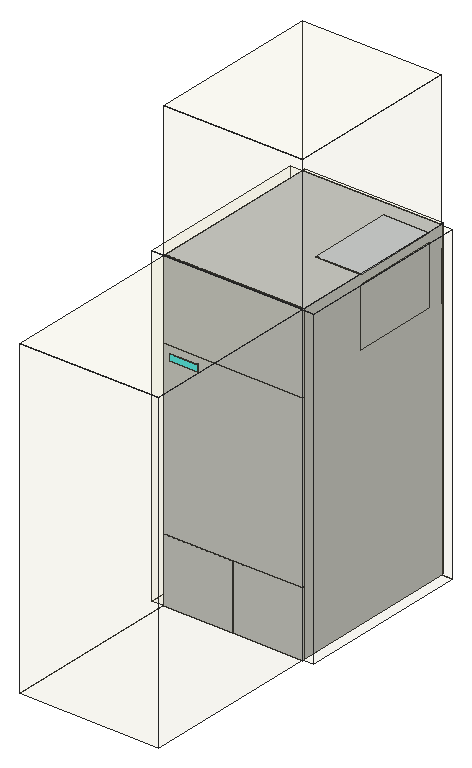
Revit family "Siemens_MV_switchgear_gas-insulated_8DJH_compact  ring main and transformer panel", category Electrical Fixtures, Revit 2016 (continued)
Definition of nested family "2D_Linien4"
  Lines and regions (mm)
    model lines, visible <- "Typ1", not visible
      curve 117: line (-413.017, 0, 4663.104) -> (-391.395, 0, 4663.104)
      curve 118: line (-406.26, 0, 4652.294) -> (-398.152, 0, 4652.294)
      curve 119: line (-407.611, 0, 4700.942) -> (-394.098, 0, 4700.942)
      curve 120: line (-394.098, 0, 4700.942) -> (-394.098, 0, 4722.564)
      curve 121: line (-394.098, 0, 4722.564) -> (-407.611, 0, 4722.564)
      curve 122: line (-407.611, 0, 4722.564) -> (-407.611, 0, 4700.942)
      curve 123: line (-407.611, 0, 4749.591) -> (-394.098, 0, 4749.591)
      curve 124: line (-394.098, 0, 4749.591) -> (-394.098, 0, 4768.51)
      curve 125: line (-394.098, 0, 4768.51) -> (-407.611, 0, 4768.51)
      curve 126: line (-407.611, 0, 4768.51) -> (-407.611, 0, 4749.591)
      curve 127: line (-445.449, 0, 4736.077) -> (-445.449, 0, 4652.294)
      curve 128: line (-445.449, 0, 4652.294) -> (-435.367, 0, 4673.915)
      curve 129: line (-445.449, 0, 4652.294) -> (-455.532, 0, 4673.915)
      curve 130: line (-445.886, 0, 4700.942) -> (-456.697, 0, 4700.942)
      curve 131: line (-456.697, 0, 4706.348) -> (-456.697, 0, 4695.537)
      curve 132: line (-462.103, 0, 4706.348) -> (-462.103, 0, 4695.537)
      curve 133: line (-462.103, 0, 4700.942) -> (-467.508, 0, 4700.942)
      curve 134: line (-467.508, 0, 4700.942) -> (-470.211, 0, 4706.348)
      curve 135: line (-470.211, 0, 4706.348) -> (-475.616, 0, 4709.05)
      curve 136: line (-470.211, 0, 4695.537) -> (-467.508, 0, 4700.942)
      curve 137: line (-475.616, 0, 4692.834) -> (-470.211, 0, 4695.537)
      curve 138: line (-600.966, 0, 4984.505) -> (-630.966, 0, 4984.505)
      curve 139: line (-630.966, 0, 4984.505) -> (-630.966, 0, 4954.505)
      curve 140: line (-630.966, 0, 4954.505) -> (-652.318, 0, 4954.505)
      curve 141: line (-659.571, 0, 4973.694) -> (-646.057, 0, 4973.694)
      curve 142: line (-646.057, 0, 4973.694) -> (-646.057, 0, 4992.613)
      curve 143: line (-646.057, 0, 4992.613) -> (-659.571, 0, 4992.613)
      curve 144: line (-659.571, 0, 4992.613) -> (-659.571, 0, 4973.694)
      curve 153: line (-657.603, 0, 4976.269) -> (-647.733, 0, 4976.269)
      curve 154: line (-647.733, 0, 4976.269) -> (-647.733, 0, 4990.087)
      curve 155: line (-647.733, 0, 4990.087) -> (-657.603, 0, 4990.087)
      curve 156: line (-657.603, 0, 4990.087) -> (-657.603, 0, 4976.269)
      curve 157: line (-652.318, 0, 4925.046) -> (-687.318, 0, 4925.046)
      curve 158: line (-687.318, 0, 4925.046) -> (-687.318, 0, 5145.046)
      curve 159: line (-687.318, 0, 5145.046) -> (-697.4, 0, 5123.424)
      curve 160: line (-687.318, 0, 5145.046) -> (-677.235, 0, 5123.424)
      curve 165: line (-580.129, 0, 5115.539) -> (-580.129, 0, 5105.539)
      curve 166: line (-580.129, 0, 5105.539) -> (-561.21, 0, 5105.539)
      curve 167: line (-561.21, 0, 5105.539) -> (-561.21, 0, 5115.539)
      curve 168: line (-561.21, 0, 5115.539) -> (-580.129, 0, 5115.539)
  Dimensions and locks
    "Width": plane 6 to plane 5
    equal spacing: plane 6, plane 3 "Center (Left/Right)", plane 5
    plane 4 to level = 620 mm
    aligned and locked: plane 2 to level
  Automatic sketch dimensions
    curve 38 to curve 39 = 0 mm
    curve 39 to curve 39 = 2.703 mm
    curve 37 to curve 2 = 24.762 mm
    curve 2 to curve 13 = 37.838 mm
    curve 10 to curve 8 = 0 mm
    curve 12 to curve 11 = 13.514 mm
    curve 8 to curve 8 = 13.514 mm
    curve 11 to curve 152 = 18.649 mm
    curve 149 to curve 85 = 27.747 mm
    curve 87 to curve 148 = 1.968 mm
    curve 87 to curve 45 = 7.253 mm
    curve 147 to curve 147 = 9.87 mm
    curve 146 to curve 86 = 1.675 mm
    curve 84 to curve 83 = 21.351 mm
    curve 45 to curve 53 = 37.838 mm
    curve 82 to curve 52 = 16.486 mm
    curve 55 to curve 44 = 5.405 mm
    curve 55 to curve 55 = 13.514 mm
    curve 51 to curve 51 = 13.514 mm
    curve 43 to curve 161 = 28.945 mm
    curve 161 to curve 163 = 18.919 mm
    curve 6 to curve 79 = 235.756 mm
    curve 78 to curve 80 = 0 mm
    curve 80 to curve 77 = 2.703 mm
    curve 78 to curve 59 = 24.762 mm
    curve 59 to curve 66 = 37.838 mm
    curve 70 to curve 65 = 0 mm
    curve 69 to curve 69 = 13.514 mm
    curve 63 to curve 63 = 13.514 mm
    curve 162 to curve 43 = 212.136 mm
    curve 73 to curve 14 = 0 mm
    curve 14 to curve 40 = 43.243 mm
    curve 71 to curve 80 = 43.243 mm
    curve 71 to curve 63 = 48.649 mm
    curve 39 to curve 37 = 5.405 mm
    curve 80 to curve 77 = 5.405 mm
    curve 9 to curve 36 = 0 mm
    curve 36 to curve 38 = 5.405 mm
    curve 77 to curve 79 = 5.405 mm
    curve 63 to curve 64 = 21.622 mm
    curve 6 to curve 7 = 21.622 mm
    curve 37 to curve 14 = 29.73 mm
    curve 78 to curve 59 = 29.73 mm
    curve 59 to curve 68 = 13.514 mm
    curve 2 to curve 10 = 13.514 mm
    curve 67 to curve 70 = 18.919 mm
    curve 10 to curve 11 = 18.919 mm
    curve 68 to curve 42 = 89.189 mm
    curve 57 to curve 84 = 29.459 mm
    curve 83 to curve 52 = 19.189 mm
    curve 84 to curve 86 = 19.189 mm
    curve 85 to curve 145 = 2.575 mm
    curve 85 to curve 82 = 10.811 mm
    curve 145 to curve 146 = 13.818 mm
    curve 146 to curve 87 = 2.526 mm
    curve 82 to curve 51 = 10.811 mm
    curve 86 to curve 45 = 16.216 mm
    curve 45 to curve 54 = 13.514 mm
    curve 53 to curve 54 = 18.919 mm
    curve 55 to curve 43 = 61.437 mm
    curve 43 to curve 161 = 2.84 mm
    curve 161 to curve 161 = 10 mm
    curve 43 to curve 150 = 42.347 mm
    curve 40 to curve 39 = 5.405 mm
    curve 38 to curve 37 = 5.405 mm
    curve 41 to curve 38 = 421.59 mm
    curve 36 to curve 35 = 5.405 mm
    curve 35 to curve 34 = 5.405 mm
    curve 34 to curve 16 = 1.166 mm
    curve 33 to curve 33 = 10.811 mm
    curve 16 to curve 15 = 20.165 mm
    curve 15 to curve 3 = 16.945 mm
    curve 3 to curve 4 = 5.405 mm
    curve 4 to curve 5 = 6.757 mm
    curve 8 to curve 2 = 5.405 mm
    curve 5 to curve 5 = 8.108 mm
    curve 5 to curve 4 = 6.757 mm
    curve 4 to curve 3 = 5.405 mm
    curve 151 to curve 150 = 10.082 mm
    curve 151 to curve 152 = 20.165 mm
    curve 83 to curve 46 = 5.676 mm
    curve 46 to curve 47 = 5.405 mm
    curve 47 to curve 48 = 6.757 mm
    curve 48 to curve 48 = 8.108 mm
    curve 48 to curve 47 = 6.757 mm
    curve 47 to curve 46 = 5.405 mm
    curve 81 to curve 80 = 5.405 mm
    curve 79 to curve 78 = 5.405 mm
    curve 77 to curve 76 = 5.405 mm  (x2)
    curve 76 to curve 75 = 5.405 mm
    curve 75 to curve 73 = 1.166 mm
    curve 74 to curve 74 = 10.811 mm
    curve 73 to curve 72 = 20.165 mm
    curve 72 to curve 60 = 16.945 mm
    curve 60 to curve 61 = 5.405 mm
    curve 61 to curve 62 = 6.757 mm
    curve 65 to curve 59 = 5.405 mm
    curve 62 to curve 62 = 8.108 mm
    curve 62 to curve 61 = 6.757 mm
    curve 61 to curve 60 = 5.405 mm
    curve 62 to curve 71 = 0 mm
    curve 5 to curve 14 = 0 mm
    curve 5 to curve 4 = 10.811 mm
    curve 62 to curve 61 = 10.811 mm
    curve 61 to curve 60 = 10.811 mm
    curve 4 to curve 3 = 10.811 mm
    curve 14 to curve 16 = 21.622 mm
    curve 71 to curve 73 = 21.622 mm
    curve 15 to curve 3 = 0 mm
    curve 72 to curve 60 = 0 mm
    curve 60 to curve 58 = 2.703 mm
    curve 3 to curve 1 = 2.703 mm
    curve 81 to curve 80 = 2.703 mm
    curve 40 to curve 39 = 2.703 mm
    curve 76 to curve 77 = 5.405 mm
    curve 35 to curve 36 = 5.405 mm
    curve 34 to curve 35 = 0 mm
    curve 75 to curve 76 = 0 mm  (x2)
    curve 34 to curve 33 = 5.405 mm
    curve 75 to curve 74 = 5.405 mm
    curve 33 to curve 34 = 5.405 mm
    curve 35 to curve 34 = 0 mm
    curve 78 to curve 79 = 2.703 mm
    curve 37 to curve 38 = 2.703 mm
    curve 1 to curve 149 = 67.347 mm
    curve 48 to curve 83 = 29.459 mm
    curve 48 to curve 47 = 10.811 mm
    curve 47 to curve 46 = 10.811 mm
    curve 46 to curve 44 = 2.703 mm
    curve 151 to curve 150 = 21.622 mm
    curve 152 to curve 151 = 0 mm
    curve 94 to curve 95 = 0 mm
    curve 95 to curve 95 = 2.703 mm
    curve 93 to curve 18 = 24.762 mm
    curve 18 to curve 29 = 37.838 mm
    curve 26 to curve 24 = 0 mm
    curve 28 to curve 27 = 13.514 mm
    curve 24 to curve 24 = 13.514 mm
    curve 27 to curve 160 = 18.649 mm
    curve 157 to curve 141 = 27.747 mm
    curve 143 to curve 156 = 1.968 mm
    curve 143 to curve 101 = 7.253 mm
    curve 155 to curve 155 = 9.87 mm
    curve 154 to curve 142 = 1.675 mm
    curve 140 to curve 139 = 21.351 mm
    curve 101 to curve 109 = 37.838 mm
    curve 138 to curve 108 = 16.486 mm
    curve 111 to curve 100 = 5.405 mm
    curve 111 to curve 111 = 13.514 mm
    curve 107 to curve 107 = 13.514 mm
    curve 99 to curve 165 = 28.945 mm
    curve 165 to curve 167 = 18.919 mm
    curve 22 to curve 135 = 235.756 mm
    curve 134 to curve 136 = 0 mm
    curve 136 to curve 133 = 2.703 mm
    curve 134 to curve 115 = 24.762 mm
    curve 115 to curve 122 = 37.838 mm
    curve 126 to curve 121 = 0 mm
    curve 125 to curve 125 = 13.514 mm
    curve 119 to curve 119 = 13.514 mm
    curve 166 to curve 99 = 212.136 mm
    curve 129 to curve 30 = 0 mm
    curve 30 to curve 96 = 43.243 mm
    curve 127 to curve 136 = 43.243 mm
    curve 127 to curve 119 = 48.649 mm
    curve 95 to curve 93 = 5.405 mm
    curve 136 to curve 133 = 5.405 mm
    curve 25 to curve 92 = 0 mm
    curve 92 to curve 94 = 5.405 mm
    curve 133 to curve 135 = 5.405 mm
    curve 119 to curve 120 = 21.622 mm
    curve 22 to curve 23 = 21.622 mm
    curve 93 to curve 30 = 29.73 mm
    curve 134 to curve 115 = 29.73 mm
    curve 115 to curve 124 = 13.514 mm
    curve 18 to curve 26 = 13.514 mm
    curve 123 to curve 126 = 18.919 mm
    curve 26 to curve 27 = 18.919 mm
    curve 124 to curve 98 = 89.189 mm
    curve 113 to curve 140 = 29.459 mm
    curve 139 to curve 108 = 19.189 mm
    curve 140 to curve 142 = 19.189 mm
    curve 141 to curve 153 = 2.575 mm
    curve 141 to curve 138 = 10.811 mm
    curve 153 to curve 154 = 13.818 mm
    curve 154 to curve 143 = 2.526 mm
    curve 138 to curve 107 = 10.811 mm
    curve 142 to curve 101 = 16.216 mm
    curve 101 to curve 110 = 13.514 mm
    curve 109 to curve 110 = 18.919 mm
    curve 111 to curve 99 = 61.437 mm
    curve 99 to curve 165 = 2.84 mm
    curve 165 to curve 165 = 10 mm
    curve 99 to curve 158 = 42.347 mm
    curve 96 to curve 95 = 5.405 mm
    curve 94 to curve 93 = 5.405 mm
    curve 97 to curve 94 = 421.59 mm
    curve 92 to curve 91 = 5.405 mm
    curve 91 to curve 90 = 5.405 mm
    curve 90 to curve 32 = 1.166 mm
    curve 89 to curve 89 = 10.811 mm
    curve 32 to curve 31 = 20.165 mm
    curve 31 to curve 19 = 16.945 mm
    curve 19 to curve 20 = 5.405 mm
    curve 20 to curve 21 = 6.757 mm
    curve 24 to curve 18 = 5.405 mm
    curve 21 to curve 21 = 8.108 mm
    curve 21 to curve 20 = 6.757 mm
    curve 20 to curve 19 = 5.405 mm
    curve 159 to curve 158 = 10.082 mm
    curve 159 to curve 160 = 20.165 mm
    curve 139 to curve 102 = 5.676 mm
    curve 102 to curve 103 = 5.405 mm
    curve 103 to curve 104 = 6.757 mm
    curve 104 to curve 104 = 8.108 mm
    curve 104 to curve 103 = 6.757 mm
    curve 103 to curve 102 = 5.405 mm
    curve 137 to curve 136 = 5.405 mm
    curve 135 to curve 134 = 5.405 mm
    curve 133 to curve 132 = 5.405 mm  (x2)
    curve 132 to curve 131 = 5.405 mm
    curve 131 to curve 129 = 1.166 mm
    curve 130 to curve 130 = 10.811 mm
    curve 129 to curve 128 = 20.165 mm
    curve 128 to curve 116 = 16.945 mm
    curve 116 to curve 117 = 5.405 mm
    curve 117 to curve 118 = 6.757 mm
    curve 121 to curve 115 = 5.405 mm
    curve 118 to curve 118 = 8.108 mm
    curve 118 to curve 117 = 6.757 mm
    curve 117 to curve 116 = 5.405 mm
    curve 118 to curve 127 = 0 mm
    curve 21 to curve 30 = 0 mm
    curve 21 to curve 20 = 10.811 mm
    curve 118 to curve 117 = 10.811 mm
    curve 117 to curve 116 = 10.811 mm
    curve 20 to curve 19 = 10.811 mm
    curve 30 to curve 32 = 21.622 mm
    curve 127 to curve 129 = 21.622 mm
    curve 31 to curve 19 = 0 mm
    curve 128 to curve 116 = 0 mm
    curve 116 to curve 114 = 2.703 mm
    curve 19 to curve 17 = 2.703 mm
    curve 137 to curve 136 = 2.703 mm
    curve 96 to curve 95 = 2.703 mm
    curve 132 to curve 133 = 5.405 mm
    curve 91 to curve 92 = 5.405 mm
    curve 90 to curve 91 = 0 mm
    curve 131 to curve 132 = 0 mm  (x2)
    curve 90 to curve 89 = 5.405 mm
    curve 131 to curve 130 = 5.405 mm
    curve 89 to curve 90 = 5.405 mm
    curve 91 to curve 90 = 0 mm
    curve 134 to curve 135 = 2.703 mm
    curve 93 to curve 94 = 2.703 mm
    curve 17 to curve 157 = 67.347 mm
    curve 104 to curve 139 = 29.459 mm
    curve 104 to curve 103 = 10.811 mm
    curve 103 to curve 102 = 10.811 mm
    curve 102 to curve 100 = 2.703 mm
    curve 159 to curve 158 = 21.622 mm
    curve 160 to curve 159 = 0 mm
Types (3, lengths in mm): name | V4 | V3 | V | PaneltypNr | Panel type | Model | Cl_r_B | B_all
  4 ring main and 2 transformer panel (RRT-RRT) | yes | no | 4 | 4 | "RRT-RRT" | "4 ring main and 2 transformer panel (RRT-RRT)" | 1290 | 1240
  2 ring main and 1 transformer panel (RRT) | no | no | 2 | 2 | "RRT" | "2 ring main and 1 transformer panel (RRT)" | 670 | 620
  3 ring main and 1 transformer panel (RRT-R) | no | yes | 3 | 3 | "RRT-R" | "3 ring main and 1 transformer panel (RRT-R)" | 980 | 930
